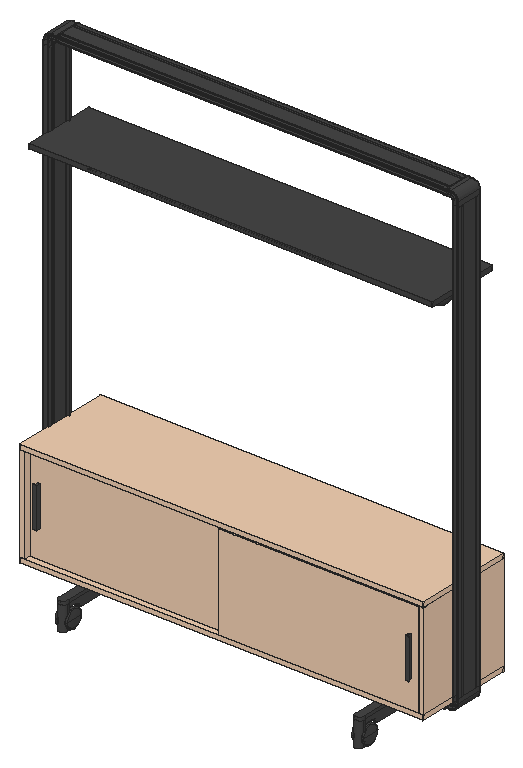
Revit family "DBLTD_TheSenatorGroup_OffcStrg_AdaptWall_US_v2", category Furniture, Revit 2020 (continued)
Definition of nested family "DBLTD_TheSenatorGroup_OffcStrg_AdaptWall_Frame"
  Automatic sketch dimensions
    Sweep 22 sketch curve to Sweep 22 sketch curve = 1.933 mm  (x4)
    Sweep 22 sketch curve to Sweep 22 sketch curve = 4.432 mm  (x2)
    Sweep 22 sketch curve to Sweep 22 sketch curve = 1.832 mm  (x2)
    Sweep 22 sketch curve to Sweep 22 sketch curve = 2.641 mm  (x2)
    Sweep 22 sketch curve to Sweep 22 sketch curve = 8.543 mm
    Sweep 22 sketch curve to Sweep 22 sketch curve = 0.219 mm  (x3)
    Sweep 22 sketch curve to Sweep 22 sketch curve = 1.02 mm  (x2)
    Sweep 22 sketch curve to Sweep 22 sketch curve = 10 mm  (x2)
    profile plane to Sweep 22 sketch curve = 175.276 mm
    Sweep 22 sketch curve to Sweep 22 sketch curve = 0 mm  (x2)
    Sweep 22 sketch curve to Sweep 22 sketch curve = 1.116 mm  (x2)
    Sweep 22 sketch curve to Sweep 22 sketch curve = 9.465 mm
    Sweep 22 sketch curve to Sweep 22 sketch curve = 0.512 mm
    Sweep 22 sketch curve to Sweep 22 sketch curve = 4.997 mm
    Sweep 22 sketch curve to Sweep 22 sketch curve = 4.8 mm  (x2)
    Sweep 22 sketch curve to Sweep 22 sketch curve = 57.352 mm
    Sweep 22 sketch curve to Sweep 22 sketch curve = 3.509 mm
    Sweep 22 sketch curve to Sweep 22 sketch curve = 1.488 mm  (x2)
    Sweep 22 sketch curve to Sweep 22 sketch curve = 9.593 mm  (x2)
    Sweep 22 sketch curve to Sweep 22 sketch curve = 0.384 mm  (x2)
    radius of Extrusion 4 sketch curve = 17.494 mm
    radius of Extrusion 5 sketch curve = 17.494 mm
    radius of Extrusion 14 sketch curve = 17.494 mm
    radius of Extrusion 15 sketch curve = 17.494 mm
Definition of nested family "DBLTD_TheSenatorGroup_OffcStrg_AdaptWall_Shelf"
  Parameters (values of type "Shelves")
    URL = ""
    Type Comments = ""
    Model = ""
    Manufacturer = ""
    Keynote = ""
    HasCoatHook = no
    HasMiddleShelves = yes
    HasBottomShelf = yes
    FrameWidth [instance] = 1650 mm
    FrameMaterial [instance] = none
    Description = ""
    Default Elevation = 0 mm
    Cost = 0
  Types (3, lengths in mm): name | HasCoatHook | HasMiddleShelves | HasBottomShelf | FrameWidth
    Coat Hook | yes | no | no | 1250
    Shelves with Storage | no | yes | no | 1250
    Shelves | no | yes | yes | 1650
  Reference planes
    plane 1: z = 0
    plane 2 "Center (Left/Right)": x = 0
    plane 3: y = -229
    plane 4: x = -825
    plane 5: x = -802.4
    plane 6: x = 825
    plane 7: x = 802.4
  Forms (mm)
    Extrusion 1, solid, material <- "FrameMaterial"
      sketch origin (0, 2538.177, 75) x (-1, 0, 0) y (0, -1, 0)
        loop
          arc (799.4, 2622.815) -> (801.521, 2623.694) -> (802.4, 2625.815) r 3
          line (802.4, 2625.815) -> (802.4, 2918.462)
          arc (802.4, 2918.462) -> (801.521, 2920.583) -> (799.4, 2921.462) r 3
          line (799.4, 2921.462) -> (-799.4, 2921.462)
          arc (-799.4, 2921.462) -> (-801.521, 2920.583) -> (-802.4, 2918.462) r 3
          line (-802.4, 2918.462) -> (-802.4, 2625.815)
          arc (-802.4, 2625.815) -> (-801.521, 2623.694) -> (-799.4, 2622.815) r 3
          line (-799.4, 2622.815) -> (799.4, 2622.815)
      from 1522.092 to 1539.892
    Extrusion 2, solid, material <- "FrameMaterial"
      sketch origin (0, 0, 75) x (-1, 0, 0) y (0, -1, 0)
        loop
          arc (803.857, 257.676) -> (803.803, 258.721) -> (803.639, 259.755) r 10
          line (803.639, 259.755) -> (802.619, 264.555)
          arc (802.619, 264.555) -> (802.455, 265.589) -> (802.4, 266.634) r 10
          line (802.4, 266.634) -> (802.4, 271.215) -> (795.913, 271.215) -> (795.913, 186.785) -> (802.4, 186.785) -> (802.4, 191.366)
          arc (802.4, 191.366) -> (802.455, 192.411) -> (802.619, 193.445) r 10
          line (802.619, 193.445) -> (803.639, 198.245)
          arc (803.639, 198.245) -> (803.803, 199.279) -> (803.857, 200.324) r 10
          line (803.857, 200.324) -> (803.857, 257.676)
        loop
          line (-803.857, 257.676) -> (-803.857, 200.324)
          arc (-803.857, 200.324) -> (-803.803, 199.279) -> (-803.639, 198.245) r 10
          line (-803.639, 198.245) -> (-802.619, 193.445)
          arc (-802.619, 193.445) -> (-802.455, 192.411) -> (-802.4, 191.366) r 10
          line (-802.4, 191.366) -> (-802.4, 186.785) -> (-795.913, 186.785) -> (-795.913, 271.215) -> (-802.4, 271.215) -> (-802.4, 266.634)
          arc (-802.4, 266.634) -> (-802.455, 265.589) -> (-802.619, 264.555) r 10
          line (-802.619, 264.555) -> (-803.639, 259.755)
          arc (-803.639, 259.755) -> (-803.803, 258.721) -> (-803.857, 257.676) r 10
      from 1491.392 to 1522.092
    Sweep 3, solid, material <- "FrameMaterial", visible <- "HasCoatHook"
      path origin (0, 0, 0) x (1, 0, 0) y (0, 0, 1)
        loop
          line (-764.476, 1597.092) -> (-764.476, 1580.392)
          arc (-764.476, 1580.392) -> (-741.045, 1523.823) -> (-684.476, 1500.392) r 80
          line (-684.476, 1500.392) -> (684.476, 1500.392)
          arc (684.476, 1500.392) -> (741.045, 1523.823) -> (764.476, 1580.392) r 80
          line (764.476, 1580.392) -> (764.476, 1597.092)
      profile origin (-764.476, 0, 1588.742) x (0, -1, 0) y (1, 0, 0)
        loop
          circle (229, 12.5) r 12.5
    Extrusion 4, solid, material <- "FrameMaterial", visible <- "HasMiddleShelves"
      sketch origin (0, 2538.177, -275) x (-1, 0, 0) y (0, -1, 0)
        loop
          arc (799.4, 2622.815) -> (801.521, 2623.694) -> (802.4, 2625.815) r 3
          line (802.4, 2625.815) -> (802.4, 2918.462)
          arc (802.4, 2918.462) -> (801.521, 2920.583) -> (799.4, 2921.462) r 3
          line (799.4, 2921.462) -> (-799.4, 2921.462)
          arc (-799.4, 2921.462) -> (-801.521, 2920.583) -> (-802.4, 2918.462) r 3
          line (-802.4, 2918.462) -> (-802.4, 2625.815)
          arc (-802.4, 2625.815) -> (-801.521, 2623.694) -> (-799.4, 2622.815) r 3
          line (-799.4, 2622.815) -> (799.4, 2622.815)
      from 1522.092 to 1539.892
    Extrusion 5, solid, material <- "FrameMaterial", visible <- "HasMiddleShelves"
      sketch origin (0, 0, -275) x (-1, 0, 0) y (0, -1, 0)
        loop
          arc (803.857, 257.676) -> (803.803, 258.721) -> (803.639, 259.755) r 10
          line (803.639, 259.755) -> (802.619, 264.555)
          arc (802.619, 264.555) -> (802.455, 265.589) -> (802.4, 266.634) r 10
          line (802.4, 266.634) -> (802.4, 271.215) -> (795.913, 271.215) -> (795.913, 186.785) -> (802.4, 186.785) -> (802.4, 191.366)
          arc (802.4, 191.366) -> (802.455, 192.411) -> (802.619, 193.445) r 10
          line (802.619, 193.445) -> (803.639, 198.245)
          arc (803.639, 198.245) -> (803.803, 199.279) -> (803.857, 200.324) r 10
          line (803.857, 200.324) -> (803.857, 257.676)
        loop
          line (-803.857, 257.676) -> (-803.857, 200.324)
          arc (-803.857, 200.324) -> (-803.803, 199.279) -> (-803.639, 198.245) r 10
          line (-803.639, 198.245) -> (-802.619, 193.445)
          arc (-802.619, 193.445) -> (-802.455, 192.411) -> (-802.4, 191.366) r 10
          line (-802.4, 191.366) -> (-802.4, 186.785) -> (-795.913, 186.785) -> (-795.913, 271.215) -> (-802.4, 271.215) -> (-802.4, 266.634)
          arc (-802.4, 266.634) -> (-802.455, 265.589) -> (-802.619, 264.555) r 10
          line (-802.619, 264.555) -> (-803.639, 259.755)
          arc (-803.639, 259.755) -> (-803.803, 258.721) -> (-803.857, 257.676) r 10
      from 1491.392 to 1522.092
    Extrusion 6, solid, material <- "FrameMaterial", visible <- "HasMiddleShelves"
      sketch origin (0, 2538.177, -625.293) x (-1, 0, 0) y (0, -1, 0)
        loop
          arc (799.4, 2622.815) -> (801.521, 2623.694) -> (802.4, 2625.815) r 3
          line (802.4, 2625.815) -> (802.4, 2918.462)
          arc (802.4, 2918.462) -> (801.521, 2920.583) -> (799.4, 2921.462) r 3
          line (799.4, 2921.462) -> (-799.4, 2921.462)
          arc (-799.4, 2921.462) -> (-801.521, 2920.583) -> (-802.4, 2918.462) r 3
          line (-802.4, 2918.462) -> (-802.4, 2625.815)
          arc (-802.4, 2625.815) -> (-801.521, 2623.694) -> (-799.4, 2622.815) r 3
          line (-799.4, 2622.815) -> (799.4, 2622.815)
      from 1522.092 to 1539.892
    Extrusion 7, solid, material <- "FrameMaterial", visible <- "HasMiddleShelves"
      sketch origin (0, 0, -625.293) x (-1, 0, 0) y (0, -1, 0)
        loop
          arc (803.857, 257.676) -> (803.803, 258.721) -> (803.639, 259.755) r 10
          line (803.639, 259.755) -> (802.619, 264.555)
          arc (802.619, 264.555) -> (802.455, 265.589) -> (802.4, 266.634) r 10
          line (802.4, 266.634) -> (802.4, 271.215) -> (795.913, 271.215) -> (795.913, 186.785) -> (802.4, 186.785) -> (802.4, 191.366)
          arc (802.4, 191.366) -> (802.455, 192.411) -> (802.619, 193.445) r 10
          line (802.619, 193.445) -> (803.639, 198.245)
          arc (803.639, 198.245) -> (803.803, 199.279) -> (803.857, 200.324) r 10
          line (803.857, 200.324) -> (803.857, 257.676)
        loop
          line (-803.857, 257.676) -> (-803.857, 200.324)
          arc (-803.857, 200.324) -> (-803.803, 199.279) -> (-803.639, 198.245) r 10
          line (-803.639, 198.245) -> (-802.619, 193.445)
          arc (-802.619, 193.445) -> (-802.455, 192.411) -> (-802.4, 191.366) r 10
          line (-802.4, 191.366) -> (-802.4, 186.785) -> (-795.913, 186.785) -> (-795.913, 271.215) -> (-802.4, 271.215) -> (-802.4, 266.634)
          arc (-802.4, 266.634) -> (-802.455, 265.589) -> (-802.619, 264.555) r 10
          line (-802.619, 264.555) -> (-803.639, 259.755)
          arc (-803.639, 259.755) -> (-803.803, 258.721) -> (-803.857, 257.676) r 10
      from 1491.392 to 1522.092
    Extrusion 8, solid, material <- "FrameMaterial", visible <- "HasBottomShelf"
      sketch origin (0, 2538.177, -975.293) x (-1, 0, 0) y (0, -1, 0)
        loop
          arc (799.4, 2622.815) -> (801.521, 2623.694) -> (802.4, 2625.815) r 3
          line (802.4, 2625.815) -> (802.4, 2918.462)
          arc (802.4, 2918.462) -> (801.521, 2920.583) -> (799.4, 2921.462) r 3
          line (799.4, 2921.462) -> (-799.4, 2921.462)
          arc (-799.4, 2921.462) -> (-801.521, 2920.583) -> (-802.4, 2918.462) r 3
          line (-802.4, 2918.462) -> (-802.4, 2625.815)
          arc (-802.4, 2625.815) -> (-801.521, 2623.694) -> (-799.4, 2622.815) r 3
          line (-799.4, 2622.815) -> (799.4, 2622.815)
      from 1522.092 to 1539.892
    Extrusion 9, solid, material <- "FrameMaterial", visible <- "HasBottomShelf"
      sketch origin (0, 0, -975.293) x (-1, 0, 0) y (0, -1, 0)
        loop
          arc (803.857, 257.676) -> (803.803, 258.721) -> (803.639, 259.755) r 10
          line (803.639, 259.755) -> (802.619, 264.555)
          arc (802.619, 264.555) -> (802.455, 265.589) -> (802.4, 266.634) r 10
          line (802.4, 266.634) -> (802.4, 271.215) -> (795.913, 271.215) -> (795.913, 186.785) -> (802.4, 186.785) -> (802.4, 191.366)
          arc (802.4, 191.366) -> (802.455, 192.411) -> (802.619, 193.445) r 10
          line (802.619, 193.445) -> (803.639, 198.245)
          arc (803.639, 198.245) -> (803.803, 199.279) -> (803.857, 200.324) r 10
          line (803.857, 200.324) -> (803.857, 257.676)
        loop
          line (-803.857, 257.676) -> (-803.857, 200.324)
          arc (-803.857, 200.324) -> (-803.803, 199.279) -> (-803.639, 198.245) r 10
          line (-803.639, 198.245) -> (-802.619, 193.445)
          arc (-802.619, 193.445) -> (-802.455, 192.411) -> (-802.4, 191.366) r 10
          line (-802.4, 191.366) -> (-802.4, 186.785) -> (-795.913, 186.785) -> (-795.913, 271.215) -> (-802.4, 271.215) -> (-802.4, 266.634)
          arc (-802.4, 266.634) -> (-802.455, 265.589) -> (-802.619, 264.555) r 10
          line (-802.619, 264.555) -> (-803.639, 259.755)
          arc (-803.639, 259.755) -> (-803.803, 258.721) -> (-803.857, 257.676) r 10
      from 1491.392 to 1522.092
    Extrusion 10, solid, material <- "FrameMaterial", visible <- "HasBottomShelf"
      sketch origin (0, 2538.177, -1325) x (-1, 0, 0) y (0, -1, 0)
        loop
          arc (799.4, 2622.815) -> (801.521, 2623.694) -> (802.4, 2625.815) r 3
          line (802.4, 2625.815) -> (802.4, 2918.462)
          arc (802.4, 2918.462) -> (801.521, 2920.583) -> (799.4, 2921.462) r 3
          line (799.4, 2921.462) -> (-799.4, 2921.462)
          arc (-799.4, 2921.462) -> (-801.521, 2920.583) -> (-802.4, 2918.462) r 3
          line (-802.4, 2918.462) -> (-802.4, 2625.815)
          arc (-802.4, 2625.815) -> (-801.521, 2623.694) -> (-799.4, 2622.815) r 3
          line (-799.4, 2622.815) -> (799.4, 2622.815)
      from 1522.092 to 1539.892
    Extrusion 11, solid, material <- "FrameMaterial", visible <- "HasBottomShelf"
      sketch origin (0, 0, -1325) x (-1, 0, 0) y (0, -1, 0)
        loop
          arc (803.857, 257.676) -> (803.803, 258.721) -> (803.639, 259.755) r 10
          line (803.639, 259.755) -> (802.619, 264.555)
          arc (802.619, 264.555) -> (802.455, 265.589) -> (802.4, 266.634) r 10
          line (802.4, 266.634) -> (802.4, 271.215) -> (795.913, 271.215) -> (795.913, 186.785) -> (802.4, 186.785) -> (802.4, 191.366)
          arc (802.4, 191.366) -> (802.455, 192.411) -> (802.619, 193.445) r 10
          line (802.619, 193.445) -> (803.639, 198.245)
          arc (803.639, 198.245) -> (803.803, 199.279) -> (803.857, 200.324) r 10
          line (803.857, 200.324) -> (803.857, 257.676)
        loop
          line (-803.857, 257.676) -> (-803.857, 200.324)
          arc (-803.857, 200.324) -> (-803.803, 199.279) -> (-803.639, 198.245) r 10
          line (-803.639, 198.245) -> (-802.619, 193.445)
          arc (-802.619, 193.445) -> (-802.455, 192.411) -> (-802.4, 191.366) r 10
          line (-802.4, 191.366) -> (-802.4, 186.785) -> (-795.913, 186.785) -> (-795.913, 271.215) -> (-802.4, 271.215) -> (-802.4, 266.634)
          arc (-802.4, 266.634) -> (-802.455, 265.589) -> (-802.619, 264.555) r 10
          line (-802.619, 264.555) -> (-803.639, 259.755)
          arc (-803.639, 259.755) -> (-803.803, 258.721) -> (-803.857, 257.676) r 10
      from 1491.392 to 1522.092
  Dimensions and locks
    equal spacing: plane 6, plane 2 "Center (Left/Right)", plane 4
    "FrameWidth": plane 6 to plane 4
    locked: plane 5 to plane 4 at 22.6
    locked: plane 7 to plane 6 at 22.6
    aligned and locked: level to plane 1
  Automatic sketch dimensions
    Extrusion 1 sketch curve to plane 7 = 0 mm
    Extrusion 1 sketch curve to plane 5 = 0 mm
    plane 7 to Extrusion 1 sketch curve = 3 mm  (x2)
    plane 5 to Extrusion 1 sketch curve = 3 mm  (x2)
    plane 3 to Extrusion 1 sketch curve = 144.362 mm
    Extrusion 1 sketch curve to plane 3 = 151.285 mm
    Extrusion 2 sketch curve to plane 7 = 0 mm  (x2)
    Extrusion 2 sketch curve to plane 5 = 0 mm  (x2)
    Extrusion 2 sketch curve to plane 7 = 0.219 mm  (x2)
    Extrusion 2 sketch curve to plane 7 = 1.239 mm  (x2)
    Extrusion 2 sketch curve to plane 7 = 1.457 mm
    Extrusion 2 sketch curve to Extrusion 2 sketch curve = 9.781 mm  (x4)
    plane 7 to Extrusion 2 sketch curve = 6.487 mm
    plane 7 to Extrusion 2 sketch curve = 8.543 mm  (x2)
    plane 5 to Extrusion 2 sketch curve = 8.543 mm  (x2)
    plane 5 to Extrusion 2 sketch curve = 6.487 mm
    Extrusion 2 sketch curve to plane 5 = 0.219 mm  (x2)
    Extrusion 2 sketch curve to plane 5 = 1.239 mm  (x2)
    Extrusion 2 sketch curve to plane 5 = 1.457 mm
    plane 3 to Extrusion 2 sketch curve = 42.215 mm  (x2)
    Extrusion 2 sketch curve to Extrusion 2 sketch curve = 4.581 mm  (x4)
    Extrusion 2 sketch curve to Extrusion 2 sketch curve = 4.8 mm  (x4)
    Extrusion 2 sketch curve to plane 3 = 28.676 mm  (x2)
    plane 5 to Sweep 3 sketch curve = 37.924 mm
    Sweep 3 sketch curve to Sweep 3 sketch curve = 80 mm
    plane 7 to Sweep 3 sketch curve = 117.924 mm
    plane 7 to Sweep 3 sketch curve = 37.924 mm
    level to Sweep 3 sketch curve = 1500.392 mm
    Sweep 3 sketch curve to Sweep 3 sketch curve = 16.7 mm  (x2)
    Sweep 3 sketch curve to profile plane = 12.5 mm
    profile plane to Sweep 3 sketch curve = 229 mm
    Extrusion 4 sketch curve to plane 7 = 0 mm
    Extrusion 4 sketch curve to plane 5 = 0 mm
    plane 7 to Extrusion 4 sketch curve = 3 mm  (x2)
    plane 5 to Extrusion 4 sketch curve = 3 mm  (x2)
    plane 3 to Extrusion 4 sketch curve = 144.362 mm
    Extrusion 4 sketch curve to plane 3 = 151.285 mm
    Extrusion 5 sketch curve to plane 7 = 0 mm  (x2)
    Extrusion 5 sketch curve to plane 5 = 0 mm  (x2)
    Extrusion 5 sketch curve to plane 7 = 0.219 mm  (x2)
    Extrusion 5 sketch curve to plane 7 = 1.239 mm  (x2)
    Extrusion 5 sketch curve to plane 7 = 1.457 mm
    Extrusion 5 sketch curve to Extrusion 5 sketch curve = 9.781 mm  (x4)
    plane 7 to Extrusion 5 sketch curve = 6.487 mm
    plane 7 to Extrusion 5 sketch curve = 8.543 mm  (x2)
    plane 5 to Extrusion 5 sketch curve = 8.543 mm  (x2)
    plane 5 to Extrusion 5 sketch curve = 6.487 mm
    Extrusion 5 sketch curve to plane 5 = 0.219 mm  (x2)
    Extrusion 5 sketch curve to plane 5 = 1.239 mm  (x2)
    Extrusion 5 sketch curve to plane 5 = 1.457 mm
    plane 3 to Extrusion 5 sketch curve = 42.215 mm  (x2)
    Extrusion 5 sketch curve to Extrusion 5 sketch curve = 4.581 mm  (x4)
    Extrusion 5 sketch curve to Extrusion 5 sketch curve = 4.8 mm  (x4)
    Extrusion 5 sketch curve to plane 3 = 28.676 mm  (x2)
    Extrusion 6 sketch curve to plane 7 = 0 mm
    Extrusion 6 sketch curve to plane 5 = 0 mm
    plane 7 to Extrusion 6 sketch curve = 3 mm  (x2)
    plane 5 to Extrusion 6 sketch curve = 3 mm  (x2)
    plane 3 to Extrusion 6 sketch curve = 144.362 mm
    Extrusion 6 sketch curve to plane 3 = 151.285 mm
    Extrusion 7 sketch curve to plane 7 = 0 mm  (x2)
    Extrusion 7 sketch curve to plane 5 = 0 mm  (x2)
    Extrusion 7 sketch curve to plane 7 = 0.219 mm  (x2)
    Extrusion 7 sketch curve to plane 7 = 1.239 mm  (x2)
    Extrusion 7 sketch curve to plane 7 = 1.457 mm
    Extrusion 7 sketch curve to Extrusion 7 sketch curve = 9.781 mm  (x4)
    plane 7 to Extrusion 7 sketch curve = 6.487 mm
    plane 7 to Extrusion 7 sketch curve = 8.543 mm  (x2)
    plane 5 to Extrusion 7 sketch curve = 8.543 mm  (x2)
    plane 5 to Extrusion 7 sketch curve = 6.487 mm
    Extrusion 7 sketch curve to plane 5 = 0.219 mm  (x2)
    Extrusion 7 sketch curve to plane 5 = 1.239 mm  (x2)
    Extrusion 7 sketch curve to plane 5 = 1.457 mm
    plane 3 to Extrusion 7 sketch curve = 42.215 mm  (x2)
    Extrusion 7 sketch curve to Extrusion 7 sketch curve = 4.581 mm  (x4)
    Extrusion 7 sketch curve to Extrusion 7 sketch curve = 4.8 mm  (x4)
    Extrusion 7 sketch curve to plane 3 = 28.676 mm  (x2)
    Extrusion 8 sketch curve to plane 7 = 0 mm
    Extrusion 8 sketch curve to plane 5 = 0 mm
    plane 7 to Extrusion 8 sketch curve = 3 mm  (x2)
    plane 5 to Extrusion 8 sketch curve = 3 mm  (x2)
    plane 3 to Extrusion 8 sketch curve = 144.362 mm
    Extrusion 8 sketch curve to plane 3 = 151.285 mm
    Extrusion 9 sketch curve to plane 7 = 0 mm  (x2)
    Extrusion 9 sketch curve to plane 5 = 0 mm  (x2)
    Extrusion 9 sketch curve to plane 7 = 0.219 mm  (x2)
    Extrusion 9 sketch curve to plane 7 = 1.239 mm  (x2)
    Extrusion 9 sketch curve to plane 7 = 1.457 mm
    Extrusion 9 sketch curve to Extrusion 9 sketch curve = 9.781 mm  (x4)
    Extrusion 9 sketch curve to Extrusion 9 sketch curve = 6.487 mm
    plane 7 to Extrusion 9 sketch curve = 8.543 mm  (x2)
    plane 5 to Extrusion 9 sketch curve = 8.543 mm  (x2)
    plane 5 to Extrusion 9 sketch curve = 6.487 mm
    Extrusion 9 sketch curve to plane 5 = 0.219 mm  (x2)
    Extrusion 9 sketch curve to plane 5 = 1.239 mm  (x2)
    Extrusion 9 sketch curve to plane 5 = 1.457 mm
    plane 3 to Extrusion 9 sketch curve = 42.215 mm  (x2)
    Extrusion 9 sketch curve to Extrusion 9 sketch curve = 4.581 mm  (x4)
    Extrusion 9 sketch curve to Extrusion 9 sketch curve = 4.8 mm  (x4)
    Extrusion 9 sketch curve to plane 3 = 28.676 mm  (x2)
    Extrusion 10 sketch curve to plane 7 = 0 mm
    Extrusion 10 sketch curve to plane 5 = 0 mm
    plane 7 to Extrusion 10 sketch curve = 3 mm  (x2)
    plane 5 to Extrusion 10 sketch curve = 3 mm  (x2)
    plane 3 to Extrusion 10 sketch curve = 144.362 mm
    Extrusion 10 sketch curve to plane 3 = 151.285 mm
    Extrusion 11 sketch curve to plane 7 = 0 mm  (x2)
    Extrusion 11 sketch curve to plane 5 = 0 mm  (x2)
    Extrusion 11 sketch curve to plane 7 = 0.219 mm  (x2)
    Extrusion 11 sketch curve to plane 7 = 1.239 mm  (x2)
    Extrusion 11 sketch curve to plane 7 = 1.457 mm
    Extrusion 11 sketch curve to Extrusion 11 sketch curve = 9.781 mm  (x4)
    Extrusion 11 sketch curve to Extrusion 11 sketch curve = 6.487 mm
    plane 7 to Extrusion 11 sketch curve = 8.543 mm  (x2)
    plane 5 to Extrusion 11 sketch curve = 8.543 mm  (x2)
    plane 5 to Extrusion 11 sketch curve = 6.487 mm
    Extrusion 11 sketch curve to plane 5 = 0.219 mm  (x2)
    Extrusion 11 sketch curve to plane 5 = 1.239 mm  (x2)
    Extrusion 11 sketch curve to plane 5 = 1.457 mm
    plane 3 to Extrusion 11 sketch curve = 42.215 mm  (x2)
    Extrusion 11 sketch curve to Extrusion 11 sketch curve = 4.581 mm  (x4)
    Extrusion 11 sketch curve to Extrusion 11 sketch curve = 4.8 mm  (x4)
    Extrusion 11 sketch curve to plane 3 = 28.676 mm  (x2)
    radius of Sweep 3 sketch curve = 12.5 mm
Definition of nested family "DBLTD_TheSenatorGroup_OffcStrg_AdaptWall_StorageSlide"
  Parameters (values of type "Storage")
    URL = ""
    Type Comments = ""
    Model = ""
    Manufacturer = ""
    Keynote = ""
    FrameWidth [instance] = 1250 mm
    FrameMaterial [instance] = none
    Description = ""
    Default Elevation = 0 mm
    Cost = 0
    CarcassMaterial [instance] = none
  Reference planes
    plane 1: z = 0
    plane 2 "Center (Left/Right)": x = 0
    plane 3: y = -229
    plane 4: y = -28
    plane 5: y = -428
    plane 6: x = -625
    plane 7: x = 625
  Forms (mm)
    Extrusion 1, solid, material <- "CarcassMaterial"
      sketch origin (0, 2538.177, -975.293) x (-1, 0, 0) y (0, -1, 0)
        loop
          arc (599.4, 2566.177) -> (601.521, 2567.055) -> (602.4, 2569.177) r 3
          line (602.4, 2569.177) -> (602.4, 2963.177)
          arc (602.4, 2963.177) -> (601.521, 2965.298) -> (599.4, 2966.177) r 3
          line (599.4, 2966.177) -> (-599.4, 2966.177)
          arc (-599.4, 2966.177) -> (-601.521, 2965.298) -> (-602.4, 2963.177) r 3
          line (-602.4, 2963.177) -> (-602.4, 2569.177)
          arc (-602.4, 2569.177) -> (-601.521, 2567.055) -> (-599.4, 2566.177) r 3
          line (-599.4, 2566.177) -> (599.4, 2566.177)
      from 1522.092 to 1539.892
    Extrusion 2, solid, material <- "CarcassMaterial"
      sketch origin (0, 0, -975.293) x (-1, 0, 0) y (0, -1, 0)
        loop
          arc (603.857, 257.676) -> (603.803, 258.721) -> (603.639, 259.755) r 10
          line (603.639, 259.755) -> (602.619, 264.555)
          arc (602.619, 264.555) -> (602.455, 265.589) -> (602.4, 266.634) r 10
          line (602.4, 266.634) -> (602.4, 271.215) -> (595.913, 271.215) -> (595.913, 186.785) -> (602.4, 186.785) -> (602.4, 191.366)
          arc (602.4, 191.366) -> (602.455, 192.411) -> (602.619, 193.445) r 10
          line (602.619, 193.445) -> (603.639, 198.245)
          arc (603.639, 198.245) -> (603.803, 199.279) -> (603.857, 200.324) r 10
          line (603.857, 200.324) -> (603.857, 257.676)
        loop
          line (-603.857, 257.676) -> (-603.857, 200.324)
          arc (-603.857, 200.324) -> (-603.803, 199.279) -> (-603.639, 198.245) r 10
          line (-603.639, 198.245) -> (-602.619, 193.445)
          arc (-602.619, 193.445) -> (-602.455, 192.411) -> (-602.4, 191.366) r 10
          line (-602.4, 191.366) -> (-602.4, 186.785) -> (-595.913, 186.785) -> (-595.913, 271.215) -> (-602.4, 271.215) -> (-602.4, 266.634)
          arc (-602.4, 266.634) -> (-602.455, 265.589) -> (-602.619, 264.555) r 10
          line (-602.619, 264.555) -> (-603.639, 259.755)
          arc (-603.639, 259.755) -> (-603.803, 258.721) -> (-603.857, 257.676) r 10
      from 1491.392 to 1522.092
    Extrusion 3, solid, material <- "CarcassMaterial"
      sketch origin (0, 2538.177, -1377.75) x (-1, 0, 0) y (0, -1, 0)
        loop
          arc (599.4, 2566.177) -> (601.521, 2567.055) -> (602.4, 2569.177) r 3
          line (602.4, 2569.177) -> (602.4, 2963.177)
          arc (602.4, 2963.177) -> (601.521, 2965.298) -> (599.4, 2966.177) r 3
          line (599.4, 2966.177) -> (-599.4, 2966.177)
          arc (-599.4, 2966.177) -> (-601.521, 2965.298) -> (-602.4, 2963.177) r 3
          line (-602.4, 2963.177) -> (-602.4, 2569.177)
          arc (-602.4, 2569.177) -> (-601.521, 2567.055) -> (-599.4, 2566.177) r 3
          line (-599.4, 2566.177) -> (599.4, 2566.177)
      from 1522.092 to 1539.892
    Extrusion 4, solid, material <- "CarcassMaterial"
      sketch origin (0, 2544.285, 75) x (-1, 0, 0) y (0, -1, 0)
        loop
          line (582.4, 2572.285) -> (582.4, 2590.785) -> (-582.4, 2590.785) -> (-582.4, 2572.285) -> (582.4, 2572.285)
        loop
          line (582.4, 2927.535) -> (582.4, 2946.035) -> (-3.731, 2946.035) -> (-3.731, 2927.535) -> (582.4, 2927.535)
        loop
          line (11.683, 2952.242) -> (11.683, 2970.742) -> (-582.4, 2970.742) -> (-582.4, 2952.242) -> (11.683, 2952.242)
      from 87.435 to 466.312
    Extrusion 5, solid, material <- "CarcassMaterial"
      sketch origin (0, 0, 75) x (-1, 0, 0) y (0, -1, 0)
        loop
          line (-602.4, 28) -> (-584.4, 28) -> (-584.4, 426.457) -> (-602.4, 426.457) -> (-602.4, 28)
        loop
          line (584.4, 28) -> (602.4, 28) -> (602.4, 426.457) -> (584.4, 426.457) -> (584.4, 28)
      from 87.142 to 471.799
    Extrusion 6, solid, material <- "FrameMaterial"
      sketch origin (0, 0, 75) x (-1, 0, 0) y (0, -1, 0)
        loop
          line (549.9, 401.75) -> (549.9, 413.048) -> (557.431, 417.544) -> (543.385, 418.39) -> (542.9, 401.75) -> (549.9, 401.75)
      from 198.812 to 358.812
    Extrusion 7, solid, material <- "FrameMaterial"
      sketch origin (0, -24.707, 75) x (1, 0, 0) y (0, 1, 0)
        loop
          line (549.9, -401.75) -> (542.9, -401.75) -> (543.385, -418.39) -> (557.431, -417.544) -> (549.9, -413.048) -> (549.9, -401.75)
      from 198.812 to 358.812
  Dimensions and locks
    locked: plane 2 "Center (Left/Right)" to Extrusion 4 sketch curve at 3.731
    locked: Extrusion 4 sketch curve to plane 2 "Center (Left/Right)" at 11.683
    equal spacing: plane 7, plane 2 "Center (Left/Right)", plane 6
    "FrameWidth": plane 7 to plane 6
    plane 6 to Extrusion 5 = 22.6 mm  (x2)
    plane 6 to Extrusion 3 = 22.6 mm
    locked: plane 6 to Extrusion 1 sketch curve at 22.6
    locked: Extrusion 1 sketch curve to plane 7 at 22.6
    locked: plane 6 to Extrusion 3 sketch curve at 22.6
    locked: Extrusion 3 sketch curve to plane 7 at 22.6
    locked: plane 6 to Extrusion 5 sketch curve at 22.6
    locked: Extrusion 5 sketch curve to Extrusion 5 sketch curve at 18  (x2)
    locked: Extrusion 5 sketch curve to plane 7 at 22.6
    aligned and locked: level to plane 1
  Automatic sketch dimensions
    plane 5 to Extrusion 1 sketch curve = 0 mm
    plane 4 to Extrusion 1 sketch curve = 0 mm
    Extrusion 1 sketch curve to Extrusion 1 sketch curve = 3 mm  (x4)
    plane 7 to Extrusion 2 sketch curve = 12.6 mm  (x2)
    Extrusion 2 sketch curve to Extrusion 2 sketch curve = 8.543 mm
    Extrusion 2 sketch curve to Extrusion 2 sketch curve = 0.219 mm  (x7)
    Extrusion 2 sketch curve to Extrusion 2 sketch curve = 1.02 mm  (x4)
    Extrusion 2 sketch curve to Extrusion 2 sketch curve = 6.487 mm  (x3)
    Extrusion 2 sketch curve to Extrusion 2 sketch curve = 9.781 mm  (x2)
    plane 6 to Extrusion 2 sketch curve = 31.143 mm  (x2)
    Extrusion 2 sketch curve to Extrusion 2 sketch curve = 2.055 mm
    Extrusion 2 sketch curve to Extrusion 2 sketch curve = 10 mm  (x2)
    plane 3 to Extrusion 2 sketch curve = 42.215 mm  (x2)
    Extrusion 2 sketch curve to Extrusion 2 sketch curve = 4.581 mm  (x4)
    Extrusion 2 sketch curve to Extrusion 2 sketch curve = 4.8 mm  (x4)
    Extrusion 2 sketch curve to plane 3 = 28.676 mm  (x2)
    plane 5 to Extrusion 3 sketch curve = 0 mm
    plane 4 to Extrusion 3 sketch curve = 0 mm
    Extrusion 3 sketch curve to Extrusion 3 sketch curve = 3 mm  (x4)
    plane 4 to Extrusion 4 sketch curve = 0 mm
    Extrusion 4 sketch curve to plane 5 = 1.543 mm
    plane 7 to Extrusion 4 sketch curve = 42.6 mm  (x2)
    plane 4 to Extrusion 4 sketch curve = 18.5 mm
    plane 6 to Extrusion 4 sketch curve = 42.6 mm  (x2)
    Extrusion 4 sketch curve to plane 5 = 44.75 mm
    Extrusion 4 sketch curve to Extrusion 4 sketch curve = 18.5 mm  (x2)
    plane 4 to Extrusion 5 sketch curve = 0 mm  (x2)
    Extrusion 5 sketch curve to plane 5 = 1.543 mm  (x2)
    Extrusion 6 sketch curve to plane 5 = 26.25 mm
    plane 6 to Extrusion 6 sketch curve = 82.1 mm
    Extrusion 6 sketch curve to plane 5 = 9.61 mm
    Extrusion 6 sketch curve to Extrusion 6 sketch curve = 0.485 mm
    Extrusion 6 sketch curve to Extrusion 6 sketch curve = 7 mm
    Extrusion 6 sketch curve to plane 5 = 10.456 mm
    Extrusion 6 sketch curve to Extrusion 6 sketch curve = 7.531 mm
    Extrusion 6 sketch curve to Extrusion 6 sketch curve = 5.342 mm
    Extrusion 7 sketch curve to plane 5 = 1.543 mm
    plane 7 to Extrusion 7 sketch curve = 82.1 mm
    plane 5 to Extrusion 7 sketch curve = 15.097 mm
    Extrusion 7 sketch curve to Extrusion 7 sketch curve = 0.485 mm
    Extrusion 7 sketch curve to Extrusion 7 sketch curve = 7 mm
    plane 5 to Extrusion 7 sketch curve = 14.251 mm
    Extrusion 7 sketch curve to Extrusion 7 sketch curve = 7.531 mm
    Extrusion 7 sketch curve to Extrusion 7 sketch curve = 5.342 mm
Types (11, lengths in mm): name | Type Comments | StorageType | Size | ShelfType | NominalWidth | NominalLength | ModelReference | ModelNumber | Model | HasStorage | Description
  (no name) | "Coat Hanger with Sliding Door Unit 65\" Wide" | DBLTD_TheSenatorGroup_OffcStrg_AdaptWall_StorageSlide : Storage | "L 20.87\" x  W 64.96\" x  H 77.36\"" | DBLTD_TheSenatorGroup_OffcStrg_AdaptWall_Shelf : Coat Hook | 1650 | 1650 | "Coat Hanger with Sliding Door Unit 65\" Wide" | "AW7865CHDW4" | "AW7865CHDW4" | yes | "Coat Hanger with Sliding Door Unit 65\" Wide"
  Coat Hanger with Sliding Door Unit 50" Wide | "Coat Hanger with Sliding Door Unit 50\" Wide" | DBLTD_TheSenatorGroup_OffcStrg_AdaptWall_StorageSlide : Storage | "L 20.87\" x  W 49.21\" x  H 77.36\"" | DBLTD_TheSenatorGroup_OffcStrg_AdaptWall_Shelf : Coat Hook | 1250 | 1250 | "Coat Hanger with Sliding Door Unit 50\" Wide" | "AW7850CHDW4" | "AW7850CHDW4" | yes | "Coat Hanger with Sliding Door Unit 50\" Wide"
  Coat Hanger with Sliding Door Unit 65" Wide | "Coat Hanger with Sliding Door Unit 65\" Wide" | DBLTD_TheSenatorGroup_OffcStrg_AdaptWall_StorageSlide : Storage | "L 20.87\" x  W 64.96\" x  H 77.36\"" | DBLTD_TheSenatorGroup_OffcStrg_AdaptWall_Shelf : Coat Hook | 1650 | 1650 | "Coat Hanger with Sliding Door Unit 65\" Wide" | "AW7865CHDW4" | "AW7865CHDW4" | yes | "Coat Hanger with Sliding Door Unit 65\" Wide"
  Coat Hanger with 4 Drawer Unit 50" Wide | "Coat Hanger with 4 Drawer Unit 50\" Wide" | DBLTD_TheSenatorGroup_OffcStrg_AdaptWall_StorageDrawer : Storage | "L 20.87\" x  W 49.21\" x  H 77.36\"" | DBLTD_TheSenatorGroup_OffcStrg_AdaptWall_Shelf : Coat Hook | 1250 | 1250 | "Coat Hanger with 4 Drawer Unit 50\" Wide" | "AW7850CHSL" | "AW7850CHSL" | yes | "Coat Hanger with 4 Drawer Unit 50\" Wide"
  Coat Hanger with 4 Drawer Unit 65" Wide | "Coat Hanger with 4 Drawer Unit 65\"Wide" | DBLTD_TheSenatorGroup_OffcStrg_AdaptWall_StorageDrawer : Storage | "L 20.87\" x  W 64.96\" x  H 77.36\"" | DBLTD_TheSenatorGroup_OffcStrg_AdaptWall_Shelf : Coat Hook | 1650 | 1650 | "Coat Hanger with 4 Drawer Unit 65\"Wide" | "AW7865CHSL" | "AW7865CHSL" | yes | "Coat Hanger with 4 Drawer Unit 65\"Wide"
  3 x Shelf with 4 Drawer Unit 65" Wide | "3 x Shelf with 4 Drawer Unit 65\" Wide" | DBLTD_TheSenatorGroup_OffcStrg_AdaptWall_StorageDrawer : Storage | "L 20.87\" x  W 64.96\" x  H 77.36\"" | DBLTD_TheSenatorGroup_OffcStrg_AdaptWall_Shelf : Shelves with Storage | 1650 | 1650 | "3 x Shelf with 4 Drawer Unit 65\" Wide" | "AW7865SH3DW4" | "AW7865SH3DW4" | yes | "3 x Shelf with 4 Drawer Unit 65\" Wide"
  3 x Shelf with 4 Drawer Unit 50" Wide | "3 x Shelf with 4 Drawer Unit 50\" Wide" | DBLTD_TheSenatorGroup_OffcStrg_AdaptWall_StorageDrawer : Storage | "L 20.87\" x  W 49.21\" x  H 77.36\"" | DBLTD_TheSenatorGroup_OffcStrg_AdaptWall_Shelf : Shelves with Storage | 1250 | 1250 | "3 x Shelf with 4 Drawer Unit 50\" Wide" | "AW7850SH3DW4" | "AW7850SH3DW4" | yes | "3 x Shelf with 4 Drawer Unit 50\" Wide"
  3 x Shelf with Sliding Door Unit 50" Wide | "3 x Shelf with Sliding Door Unit 50\" Wide" | DBLTD_TheSenatorGroup_OffcStrg_AdaptWall_StorageSlide : Storage | "L 20.87\" x  W 49.21\" x  H 77.36\"" | DBLTD_TheSenatorGroup_OffcStrg_AdaptWall_Shelf : Shelves with Storage | 1250 | 1250 | "3 x Shelf with Sliding Door Unit 50\" Wide" | "AW7850SH3SL" | "AW7850SH3SL" | yes | "3 x Shelf with Sliding Door Unit 50\" Wide"
  3 x Shelf with Sliding Door Unit 65" Wide | "3 x Shelf with Sliding Door Unit 65\" Wide" | DBLTD_TheSenatorGroup_OffcStrg_AdaptWall_StorageSlide : Storage | "L 20.87\" x  W 64.96\" x  H 77.36\"" | DBLTD_TheSenatorGroup_OffcStrg_AdaptWall_Shelf : Shelves with Storage | 1650 | 1650 | "3 x Shelf with Sliding Door Unit 65\" Wide" | "AW7865SH3SL" | "AW7865SH3SL" | yes | "3 x Shelf with Sliding Door Unit 65\" Wide"
  5 x Shelf Unit 65" Wide | "5 x Shelf Unit 65\" Wide" | DBLTD_TheSenatorGroup_OffcStrg_AdaptWall_StorageDrawer : Storage | "L 20.87\" x  W 64.96\" x  H 77.36\"" | DBLTD_TheSenatorGroup_OffcStrg_AdaptWall_Shelf : Shelves | 1650 | 1650 | "5 x Shelf Unit 65\" Wide" | "AW7865SH5" | "AW7865SH5" | no | "5 x Shelf Unit 65\" Wide"
  5 x Shelf Unit 50" Wide | "5 x Shelf Unit 50\" Wide" | DBLTD_TheSenatorGroup_OffcStrg_AdaptWall_StorageDrawer : Storage | "L 20.87\" x  W 49.21\" x  H 77.36\"" | DBLTD_TheSenatorGroup_OffcStrg_AdaptWall_Shelf : Shelves | 1250 | 1250 | "5 x Shelf Unit 50\" Wide" | "AW7850SH5" | "AW7850SH5" | no | "5 x Shelf Unit 50\" Wide"
